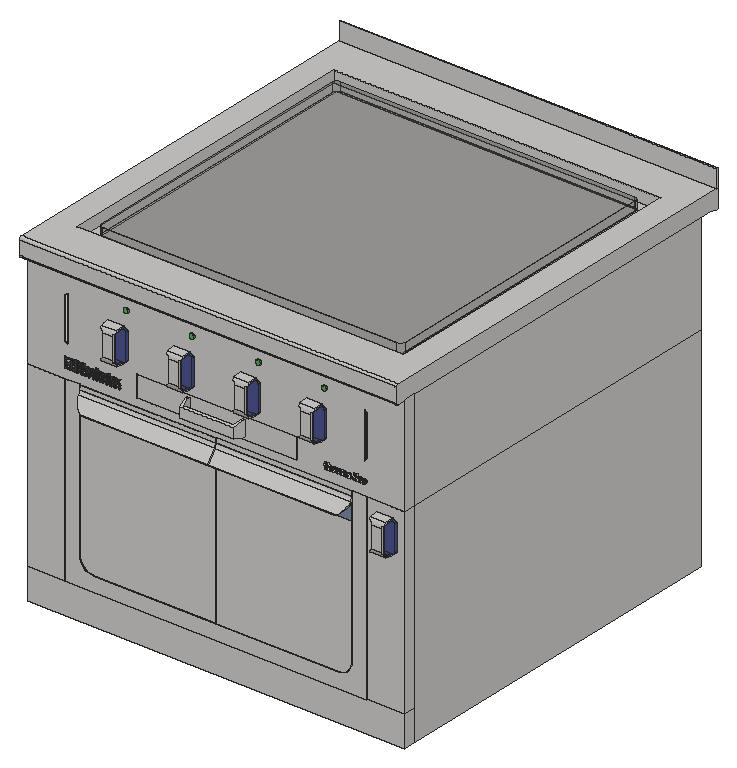
Revit family "QF_ELECTROLUXPROFESSIONAL_588705_MBLQGBH4AO", category Attrezzature speciali, Revit 2020
Family settings
  Quota connettore circolare = Usa diametro
  Tipo di parte = Normale
  Basato su piano di lavoro = No
  Sempre verticale = Sì
  Taglio con vuoti quando caricato = No
  Condiviso = No
  Punto di calcolo locali = No
Parameters (values of type "Standard")
  Weight = 149.00 kg
  Watts = 14300 W
  Volts = 400 V
  URL Manufacturer = "https://www.electroluxprofessional.com/"
  URL = "https://www.electroluxprofessional.com/"
  Steam Supply Size = 0"
  Steam Supply Minimum Pressure = 0.00 psi
  Steam Supply Maximum Pressure = 0.00 psi
  Steam Consumption per Hour = 0
  Refrigeration Suction Line Size = 0 mm
  Refrigeration Liquid Line Size = 0 mm
  Refrigerant Compressor Remote = yes
  Prospetto di default = 0 mm
  Phase = 3
  Modello = "MBLQGBH4AO"
  Produttore = "Electrolux Professional"
  Length Actual = 800 mm  # constant formula
  Item Number = "588705"
  Hot Water Size = 0"
  Height Actual = 700 mm  # constant formula
  HP = "19.2 HP"
  Gas Size = 0"
  Gas KW = 0
  Gas Input Pressure = 0.0 Btu/h
  Direct Waste Size = 0"
  Descrizione = "EL.SOLID T,ECO,WARM.CAB.1S,BS,800X850X7"
  Depth Actual = 850 mm  # constant formula
  Cycle = 50 Hz
  Condensate Return Size = 0"
  Compressed Air Volume = 0 GPM
  Compressed Air Size = 0"
  Compressed Air Pressure = 0.00 psi
  Cold Water Size = 0"
  Accessory = yes
Reference planes
  plane 1 "BACK": y = 50
  plane 2: z = 0
  plane 3 "LEFT": x = 0
  plane 4 "RIGHT": x = 800
  plane 5 "FRONT": y = -800
  plane 6 "TOP": z = 900
  plane 7 "Center (Left/Right)": x = 400
  plane 8: y = -375
  plane 9: z = 200
  plane 10: y = -150
  plane 11 "Panel": y = -755
  plane 12: z = 798
  plane 13: z = 1327
  plane 14: x = 78
  plane 15: x = 722
  plane 16: y = -100
  plane 17: y = -600
  plane 18 "EIx": x = 755
  plane 19 "EIy": y = -585
Forms (mm)
  Extrusion 1, solid, material "QF_Finishes_Stainless Steel"
    sketch origin (-178.969, -4572, 200) x (-1, 0, 0) y (0, -1, 0)
      loop
        line (-178.969, -4577) -> (-178.969, -3817) -> (-978.969, -3817) -> (-978.969, -4577) -> (-178.969, -4577)
    from 450 to 662.969
  Extrusion 2, solid, material "QF_Finishes_Stainless Steel"
    sketch origin (0, 0, 0) x (0, 1, 0) y (0, 0, 1)
      loop
        line (-755, 200) -> (-755, 265) -> (-780, 265) -> (-780, 200) -> (-755, 200)
    from 0 to 800
  Extrusion 3, solid, material "QF_Finishes_Stainless Steel"
    sketch origin (-588.969, -4562, 200) x (-1, 0, 0) y (0, -1, 0)
      loop
        circle (-1343.969, -3977) r 6.35
    from 0 to -11.851
  Extrusion 4, solid, material "QF_Finishes_Stainless Steel"
    sketch origin (400, 296.4, 1219.2) x (0, 1, 0) y (0, 0, 1)
      loop
        line (-246.4, -319.2) -> (-1091.4, -319.2)
        arc (-1091.4, -319.2) -> (-1094.935, -320.664) -> (-1096.4, -324.2) r 5
        line (-1096.4, -324.2) -> (-1096.4, -355.2)
        arc (-1096.4, -355.2) -> (-1094.971, -358.264) -> (-1091.705, -359.139) r 4
        line (-1091.705, -359.139) -> (-1076.4, -356.231) -> (-266.4, -356.231) -> (-251.094, -359.139)
        arc (-251.094, -359.139) -> (-247.829, -358.264) -> (-246.4, -355.2) r 4
        line (-246.4, -355.2) -> (-246.4, -319.2)
    from -400 to 400
  Extrusion 5, solid, material "QF_Finishes_Electrolux_Black Smoke Iluminated"
    sketch origin (0, 0, 900) x (-1, 0, 0) y (0, -1, 0)
      loop
        arc (-88, 59) -> (-80.929, 61.929) -> (-78, 69) r 10
        line (-78, 69) -> (-78, 680)
        arc (-78, 680) -> (-80.929, 687.071) -> (-88, 690) r 10
        line (-88, 690) -> (-712, 690)
        arc (-712, 690) -> (-719.071, 687.071) -> (-722, 680) r 10
        line (-722, 680) -> (-722, 69)
        arc (-722, 69) -> (-719.071, 61.929) -> (-712, 59) r 10
        line (-712, 59) -> (-88, 59)
    from 0 to -20
  Extrusion 6, solid, material "QF_Finishes_Stainless Steel"
    sketch origin (-178.969, -4572, 200) x (-1, 0, 0) y (0, -1, 0)
      loop
        line (-178.969, -4577) -> (-178.969, -3817) -> (-978.969, -3817) -> (-978.969, -4577) -> (-178.969, -4577)
    from 450 to 0
  Extrusion 7, void
    sketch origin (0, 0, 900) x (-1, 0, 0) y (0, -1, 0)
      loop
        line (-53, 715) -> (-747, 715) -> (-747, 34) -> (-53, 34) -> (-53, 715)
    from 0 to -25
  Extrusion 8, solid, material "QF_Finishes_Stainless Steel"
    sketch origin (0, 0, 900) x (-1, 0, 0) y (0, -1, 0)
      loop
        line (-82, 63) -> (-82, 686) -> (-718, 686) -> (-718, 63) -> (-82, 63)
    from -20 to -25
  Extrusion 9, solid, material "QF_Finishes_Stainless Steel"
    sketch origin (400, 297.4, 1219.2) x (0, 1, 0) y (0, 0, 1)
      loop
        line (-249.4, -319.2) -> (-247.4, -319.2) -> (-247.4, -281.2) -> (-249.4, -281.2) -> (-249.4, -319.2)
    from -400 to 400
  Extrusion 10, solid, material "QF_Finishes_Stainless Steel"
    sketch origin (0, 0, 150) x (0, 1, 0) y (0, 0, 1)
      loop
        line (-755, 50) -> (-755, 115) -> (-780, 115) -> (-780, 50) -> (-755, 50)
    from 0 to 800
  Extrusion 11, solid, material "QF_Finishes_Stainless Steel"
    sketch origin (7, -800, 0) x (1, 0, 0) y (0, 0, 1)
      loop
        line (103, 327) -> (103, 650) -> (73, 650) -> (73, 265) -> (713, 265) -> (713, 650) -> (683, 650) -> (683, 327)
        arc (683, 327) -> (673.627, 304.373) -> (651, 295) r 32
        line (651, 295) -> (135, 295)
        arc (135, 295) -> (112.373, 304.373) -> (103, 327) r 32
    from -45 to -20
  Extrusion 12, solid, material "QF_Finishes_Stainless Steel"
    sketch origin (0, -800, 0) x (1, 0, 0) y (0, 0, 1)
      loop
        line (80, 650) -> (0, 650) -> (0, 265) -> (80, 265) -> (80, 650)
      loop
        line (719.787, 650) -> (719.787, 265) -> (800, 265) -> (800, 650) -> (719.787, 650)
    from -20 to -45
Cuts and joins
  Extrusion 7 cuts Extrusion 4
Lines and regions (mm)
  symbolic lines
    curve 1: line (0, 50, 200) -> (800, 50, 200)
    curve 2: line (0, -800, 200) -> (0, 50, 200)
    curve 3: line (800, -800, 200) -> (0, -800, 200)
    curve 4: line (800, 50, 200) -> (800, -800, 200)
    curve 5: line (712, -59, 200) -> (88, -59, 200)
    curve 6: line (78, -69, 200) -> (78, -680, 200)
    curve 7: line (88, -690, 200) -> (712, -690, 200)
    curve 8: line (722, -680, 200) -> (722, -69, 200)
    curve 9: arc (88, -59, 200) -> (80.929, -61.929, 200) -> (78, -69, 200) r 10
    curve 10: arc (722, -69, 200) -> (719.071, -61.929, 200) -> (712, -59, 200) r 10
    curve 11: arc (712, -690, 200) -> (719.071, -687.071, 200) -> (722, -680, 200) r 10
    curve 12: arc (78, -680, 200) -> (80.929, -687.071, 200) -> (88, -690, 200) r 10
    curve 13: line (747, -34, 900) -> (53, -34, 900)
    curve 14: line (53, -34, 900) -> (53, -715, 900)
    curve 15: line (747, -715, 900) -> (747, -34, 900)
    curve 16: line (53, -715, 900) -> (747, -715, 900)
    curve 33: line (0, 48, 0) -> (800, 48, 0)
  model lines, style "SpecialityEquipment"
    curve 17: arc (584, -161, 900) -> (530.967, -289.033, 900) -> (659, -236, 900) r 75
    curve 18: line (639, -236, 900) -> (679, -236, 900)
    curve 19: line (679, -236, 900) -> (659, -216, 900)
    curve 20: line (639, -236, 900) -> (659, -216, 900)
    curve 21: arc (216, -161, 900) -> (162.967, -289.033, 900) -> (291, -236, 900) r 75
    curve 22: line (271, -236, 900) -> (311, -236, 900)
    curve 23: line (311, -236, 900) -> (291, -216, 900)
    curve 24: line (271, -236, 900) -> (291, -216, 900)
    curve 25: arc (584, -489, 900) -> (530.967, -617.033, 900) -> (659, -564, 900) r 75
    curve 26: line (639, -564, 900) -> (679, -564, 900)
    curve 27: line (679, -564, 900) -> (659, -544, 900)
    curve 28: line (639, -564, 900) -> (659, -544, 900)
    curve 29: arc (216, -489, 900) -> (162.967, -617.033, 900) -> (291, -564, 900) r 75
    curve 30: line (271, -564, 900) -> (311, -564, 900)
    curve 31: line (311, -564, 900) -> (291, -544, 900)
    curve 32: line (271, -564, 900) -> (291, -544, 900)
Dimensions and locks
  plane 3 "LEFT" to plane 4 "RIGHT" = 800 mm
  plane 5 "FRONT" to plane 1 "BACK" = 850 mm
  equal spacing: plane 3 "LEFT", plane 7 "Center (Left/Right)", plane 4 "RIGHT"
  equal spacing: plane 5 "FRONT", plane 8, plane 1 "BACK"
  plane 6 "TOP" to level = 900 mm  (x2)
  plane 9 to level = 200 mm
  plane 1 "BACK" to plane 10 to plane 11 "Panel" = 200 mm, 605 mm  (x2)
  plane 6 "TOP" to plane 9 to level = 700 mm, 200 mm
  plane 1 "BACK" to plane 5 "FRONT" = 850 mm
  plane 1 "BACK" to Extrusion 3 = 635 mm
  plane 12 to plane 9 = 598 mm
  plane 13 to plane 6 "TOP" = 427 mm
  plane 6 "TOP" to plane 12 = 102 mm
  plane 14 to plane 3 "LEFT" = 78 mm
  plane 15 to plane 4 "RIGHT" = 78 mm
  locked: plane 1 "BACK" to plane 16 at 150
  locked: plane 16 to plane 17 at 500
  plane 11 "Panel" to plane 5 "FRONT" = 45 mm
  plane 18 "EIx" to plane 4 "RIGHT" = 45 mm
  plane 19 "EIy" to plane 1 "BACK" = 635 mm
  aligned and locked: level to plane 2
  aligned and locked: Extrusion 2 to plane 4 "RIGHT"
  aligned and locked: Extrusion 11 to Extrusion 6
  aligned and locked: Extrusion 12 to Extrusion 6
Automatic sketch dimensions
  Extrusion 3 sketch curve to plane 18 "EIx" = 0 mm
  Extrusion 3 sketch curve to plane 19 "EIy" = 0 mm
  Extrusion 4 sketch curve to plane 5 "FRONT" = 0 mm
  Extrusion 4 sketch curve to plane 6 "TOP" = 0 mm
  Extrusion 4 sketch curve to plane 1 "BACK" = 0 mm
  Extrusion 4 sketch curve to plane 5 "FRONT" = 4 mm
  Extrusion 4 sketch curve to Extrusion 4 sketch curve = 0.695 mm
  Extrusion 4 sketch curve to plane 5 "FRONT" = 5 mm
  Extrusion 4 sketch curve to Extrusion 4 sketch curve = 15.305 mm
  plane 1 "BACK" to Extrusion 4 sketch curve = 20 mm
  plane 1 "BACK" to Extrusion 4 sketch curve = 4.695 mm
  Extrusion 4 sketch curve to Extrusion 4 sketch curve = 4 mm
  Extrusion 4 sketch curve to Extrusion 4 sketch curve = 31 mm
  Extrusion 4 sketch curve to plane 6 "TOP" = 36 mm
  Extrusion 4 sketch curve to Extrusion 4 sketch curve = 2.909 mm
  Extrusion 5 sketch curve to plane 15 = 0 mm
  Extrusion 5 sketch curve to plane 14 = 0 mm
  plane 15 to Extrusion 5 sketch curve = 10 mm  (x2)
  Extrusion 5 sketch curve to Extrusion 5 sketch curve = 10 mm  (x2)
  plane 10 to Extrusion 5 sketch curve = 91 mm
  plane 17 to Extrusion 5 sketch curve = 80 mm
  plane 18 "EIx" to Extrusion 7 sketch curve = 8 mm
  plane 14 to Extrusion 7 sketch curve = 25 mm
  plane 10 to Extrusion 7 sketch curve = 116 mm
  plane 11 "Panel" to Extrusion 7 sketch curve = 40 mm
  Extrusion 8 sketch curve to plane 14 = 4 mm
  plane 15 to Extrusion 8 sketch curve = 4 mm
  plane 17 to Extrusion 8 sketch curve = 86 mm
  plane 10 to Extrusion 8 sketch curve = 87 mm
  curve 20 to curve 17 = 55 mm
  curve 26 to curve 25 = 55 mm
  curve 19 to curve 18 = 20 mm
  curve 26 to curve 27 = 20 mm
  curve 18 to curve 19 = 20 mm
  plane 18 "EIx" to curve 13 = 8 mm
  curve 31 to plane 7 "Center (Left/Right)" = 89 mm
  curve 23 to plane 7 "Center (Left/Right)" = 89 mm
  curve 22 to curve 24 = 20 mm
  curve 30 to curve 31 = 20 mm
  curve 23 to curve 22 = 20 mm
  curve 31 to curve 30 = 20 mm
  curve 22 to curve 21 = 55 mm
  curve 30 to curve 29 = 55 mm
  plane 14 to curve 14 = 25 mm
  plane 10 to curve 13 = 116 mm
  plane 11 "Panel" to curve 16 = 40 mm
  curve 29 to curve 30 = 20 mm
  curve 27 to curve 26 = 40 mm
  curve 25 to curve 26 = 20 mm
  plane 15 to curve 19 = 43 mm
  curve 17 to curve 18 = 20 mm
  curve 21 to curve 22 = 20 mm
  plane 19 "EIy" to curve 27 = 21 mm
  plane 15 to curve 27 = 43 mm
  curve 23 to plane 10 = 66 mm
  curve 19 to plane 10 = 66 mm
  plane 19 "EIy" to curve 32 = 41 mm
  Extrusion 1 sketch curve to plane 4 "RIGHT" = 0 mm
  Extrusion 1 sketch curve to plane 3 "LEFT" = 0 mm
  Extrusion 1 sketch curve to plane 11 "Panel" = 0 mm
  plane 1 "BACK" to Extrusion 1 sketch curve = 45 mm
  Extrusion 2 sketch curve to plane 9 = 0 mm
  Extrusion 2 sketch curve to plane 11 "Panel" = 0 mm
  Extrusion 2 sketch curve to plane 5 "FRONT" = 20 mm
  plane 9 to Extrusion 2 sketch curve = 65 mm
  plane 1 "BACK" to curve 1 = 0 mm
  curve 1 to plane 4 "RIGHT" = 0 mm
  curve 8 to plane 15 = 0 mm
  curve 6 to plane 14 = 0 mm
  curve 2 to plane 3 "LEFT" = 0 mm
  plane 5 "FRONT" to curve 3 = 0 mm
  plane 15 to curve 5 = 10 mm
  curve 11 to curve 11 = 10 mm
  curve 5 to plane 14 = 10 mm
  curve 12 to curve 6 = 10 mm
  plane 10 to curve 5 = 91 mm
  plane 17 to curve 11 = 80 mm
  Extrusion 6 sketch curve to plane 4 "RIGHT" = 0 mm
  Extrusion 6 sketch curve to plane 3 "LEFT" = 0 mm
  Extrusion 6 sketch curve to plane 11 "Panel" = 0 mm
  plane 1 "BACK" to Extrusion 6 sketch curve = 45 mm
  Extrusion 10 sketch curve to plane 11 "Panel" = 0 mm
  Extrusion 10 sketch curve to plane 5 "FRONT" = 20 mm
  plane 9 to Extrusion 10 sketch curve = 0 mm
  Extrusion 10 sketch curve to Extrusion 10 sketch curve = 65 mm
  Extrusion 11 sketch curve to plane 14 = 2 mm
  Extrusion 11 sketch curve to plane 14 = 32 mm
  Extrusion 11 sketch curve to Extrusion 11 sketch curve = 32 mm
  plane 15 to Extrusion 11 sketch curve = 32 mm
  plane 15 to Extrusion 11 sketch curve = 2 mm
  plane 9 to Extrusion 11 sketch curve = 65 mm
  Extrusion 11 sketch curve to Extrusion 11 sketch curve = 62 mm  (x2)
  Extrusion 11 sketch curve to plane 12 = 148 mm  (x2)
  Extrusion 12 sketch curve to plane 3 "LEFT" = 0 mm
  plane 4 "RIGHT" to Extrusion 12 sketch curve = 0 mm
  Extrusion 12 sketch curve to plane 14 = 2 mm
  plane 15 to Extrusion 12 sketch curve = 2.213 mm
  plane 9 to Extrusion 12 sketch curve = 65 mm  (x2)
  Extrusion 12 sketch curve to plane 12 = 148 mm  (x2)
  Extrusion 9 sketch curve to plane 6 "TOP" = 0 mm
  Extrusion 9 sketch curve to plane 1 "BACK" = 0 mm
  plane 1 "BACK" to Extrusion 9 sketch curve = 2 mm
  plane 6 "TOP" to Extrusion 9 sketch curve = 38 mm
  radius of Extrusion 3 sketch curve = 6.35 mm
Nested families
  nested 1: "FIT Range Control Handle" at (760, -783.167, -372.751), type "FIT Range Control Handle"
  nested 2: "Front_Panel_W800_Four Knobs_Spie" at (202.376, -755, 0), type "Front_Panel_W800_Four Knobs_Spie"
  nested 3: "H450H2_2DOOR" at (363.958, -755, 200) x (1, 0, 0) z (0, -1, 0), type "H450H2_2DOOR"
    with Width 580 mm, Wdoor 290 mm, Show Clearance yes
  nested 4: "Warm" at (800, -800, 0), type "Warm"
Connectors
  electrical at (755, -585, 188.149)
    settings: on Extrusion 3, index 1, voltage 400 V, apparent load 33000 VA, apparent load phase1 0 VA, apparent load phase2 0 VA, apparent load phase3 0 VA, power factor 1, load classification "Other", number of poles 1, system type 30, power factor state 1, is connector primary yes, connector utility no, sub classification motor no, connector description "ELECTRICAL CONNECTION"
Definition of nested family "FIT Range Control Handle"
  Parameters
    Default Elevation = 0 mm
  Reference planes
    plane 1 "Center (Front/Back)": y = 0
    plane 2: z = 0
    plane 3 "Center (Left/Right)": x = 0
    plane 4: z = 971.092
    plane 5: y = -16.8
  Forms (mm)
    Extrusion 1, solid
      sketch origin (-746.28, 380.497, 208.931) x (-1, 0, 0) y (0, 0, 1)
        loop
          line (-770.101, 786.798) -> (-770.101, 731.649)
          arc (-770.101, 731.649) -> (-769.759, 730.563) -> (-768.855, 729.87) r 1.893
          line (-768.855, 729.87) -> (-763.474, 727.911) -> (-729.81, 727.911) -> (-724.428, 729.87)
          arc (-724.428, 729.87) -> (-723.525, 730.563) -> (-723.183, 731.649) r 1.893
          line (-723.183, 731.649) -> (-723.183, 786.798)
          arc (-723.183, 786.798) -> (-723.529, 787.894) -> (-724.44, 788.593) r 1.91
          line (-724.44, 788.593) -> (-729.683, 790.819) -> (-763.601, 790.819) -> (-768.844, 788.593)
          arc (-768.844, 788.593) -> (-769.755, 787.894) -> (-770.101, 786.798) r 1.91
      from -382.35 to -378.852
    Sweep 2, solid
      path origin (-746.788, 380.496, 208.091) x (0, -1, 0) y (0, 0, 1)
        loop
          line (379.775, 793.281) -> (395.661, 791.048)
          arc (395.661, 791.048) -> (397.781, 787.377) -> (398.517, 783.202) r 12.207
          line (398.517, 783.202) -> (398.517, 737.368)
          arc (398.517, 737.368) -> (397.781, 733.193) -> (395.661, 729.522) r 12.207
          line (395.661, 729.522) -> (379.775, 727.289)
      profile origin (-746.788, -7.222, 1000.256) x (0, -0.139173, 0.990268) y (-1, 0, 0)
        loop
          line (0.782, -763.123) -> (0.782, -730.907) -> (-1.322, -730.907) -> (-1.322, -763.123) -> (0.782, -763.123)
    Sweep 3, solid
      path origin (-746.788, 380.715, 207.832) x (0, -1, 0) y (0, 0, 1)
        loop
          line (380.478, 795.442) -> (397.218, 793.09)
          arc (397.218, 793.09) -> (399.929, 788.473) -> (400.871, 783.202) r 15.207
          line (400.871, 783.202) -> (400.871, 737.584)
          arc (400.871, 737.584) -> (399.914, 732.274) -> (397.164, 727.633) r 15.207
          line (397.164, 727.633) -> (380.601, 725.305)
      profile origin (-746.788, -8.132, 1002.099) x (0, -0.139173, 0.990268) y (-1, 0, 0)
        loop
          line (0.782, -763.123) -> (0.782, -730.907) -> (-1.322, -730.907) -> (-1.322, -763.123) -> (0.782, -763.123)
    Extrusion 4, void
      sketch origin (889.253, 220.666, 207.993) x (1, 0, 0) y (0, 0, 1)
        loop
          line (-943.038, 816.854) -> (-943.038, 703.686) -> (-899.466, 734.196) -> (-899.466, 786.344) -> (-943.038, 816.854)
      from 230.636 to 242.25
    Extrusion 5, void
      sketch origin (-888.8, 220.666, 207.993) x (-1, 0, 0) y (0, 0, -1)
        loop
          line (-943.038, -816.854) -> (-899.466, -786.344) -> (-899.466, -734.196) -> (-943.038, -703.686) -> (-943.038, -816.854)
      from 230.636 to 242.25
    Extrusion 6, solid
      sketch origin (0, 0, 0) x (1, 0, 0) y (0, 0, 1)
        loop
          circle (0, 971.092) r 7.736
      from -3.137 to -1.645
  Cuts and joins
    Extrusion 4, Extrusion 5 cuts Sweep 3
    Extrusion 4, Extrusion 5 cuts Sweep 2
    joined: Extrusion 1, Extrusion 6
  Lines and regions (mm)
    symbolic lines
      curve 1: line (-15.881, -19.189, 0) -> (-15.881, -16.8, 0)
      curve 2: line (16.334, -19.189, 0) -> (16.334, -16.8, 0)
      curve 3: spline (-15.881, -19.189, 0) -> (-15.417, -19.349, 0) -> (-14.951, -19.501, 0) -> (-14.483, -19.646, 0) -> (-14.014, -19.783, 0) -> (-13.543, -19.912, 0) -> (-13.071, -20.033, 0) -> (-12.597, -20.146, 0) -> (-12.122, -20.251, 0) -> (-11.646, -20.349, 0) -> (-11.169, -20.438, 0) -> (-10.691, -20.52, 0) -> (-10.213, -20.593, 0)
      curve 4: spline (10.666, -20.593, 0) -> (11.144, -20.52, 0) -> (11.622, -20.438, 0) -> (12.099, -20.349, 0) -> (12.575, -20.251, 0) -> (13.05, -20.146, 0) -> (13.524, -20.033, 0) -> (13.996, -19.912, 0) -> (14.467, -19.783, 0) -> (14.936, -19.646, 0) -> (15.404, -19.501, 0) -> (15.87, -19.349, 0) -> (16.334, -19.189, 0)
      curve 5: line (-10.213, -20.938, 0) -> (10.716, -20.938, 0)
  Dimensions and locks
    cut or joined group of Sweep 3, Extrusion 4, Extrusion 5 to cut or joined group of Sweep 3, Extrusion 4, Extrusion 5 = 71.686 mm
Definition of nested family "Front_Panel_W800_Four Knobs_Spie"
  Parameters
    Default Elevation = 0 mm
  Reference planes
    plane 1 "Center (Front/Back)": y = 0
    plane 2: z = 0
    plane 3 "Center (Left/Right)": x = 197.624
    plane 4 "Left": x = -202.376
    plane 5 "Right": x = 597.624
    plane 6: y = -45
    plane 7: x = -12.376
    plane 8: x = 127.624
    plane 9: y = -310
    plane 10 "Panel": y = -25
    plane 11: x = 517.624
    plane 12: x = -122.376
  Forms (mm)
    Extrusion 1, solid
      sketch origin (833.217, 829.203, -1.25) x (0, 1, 0) y (0, 0, 1)
        loop
          line (-854.203, 651.25) -> (-829.203, 651.25) -> (-829.203, 864.25) -> (-854.203, 864.25) -> (-854.203, 651.25)
      from -1035.593 to -235.593
    Extrusion 2, void
      sketch origin (0, -25, -10) x (0, 0, 1) y (-1, 0, 0)
        loop
          line (731.866, 122.376) -> (726.866, 117.376) -> (823.866, 117.376) -> (818.866, 122.376) -> (731.866, 122.376)
        loop
          line (731.866, -517.624) -> (818.866, -517.624) -> (823.866, -512.624) -> (726.866, -512.624) -> (731.866, -517.624)
      from 0 to -2
    Extrusion 3, void
      sketch origin (0, 0, 0) x (1, 0, 0) y (0, 0, 1)
        loop
          line (30.124, 711.866) -> (30.124, 666.866) -> (370.124, 666.866) -> (370.124, 711.866) -> (30.124, 711.866)
      from 19.387 to 25
    Extrusion 4, solid
      sketch origin (0, 0, 0) x (1, 0, 0) y (0, 0, 1)
        loop
          line (31.124, 710.866) -> (31.124, 667.866) -> (369.124, 667.866) -> (369.124, 710.866) -> (31.124, 710.866)
      from 19.387 to 25
    Extrusion 5, solid
      sketch origin (0, 0, 0) x (1, 0, 0) y (0, 1, 0)
        loop
          line (141.059, -25) -> (135.966, -25) -> (140.646, -49.075) -> (254.603, -49.075) -> (259.283, -25) -> (254.189, -25) -> (250.481, -44.075) -> (144.767, -44.075) -> (141.059, -25)
      from 672.593 to 705.67
    Extrusion 6, void
      sketch origin (197.624, 0, 0) x (0, 1, 0) y (0, 0, 1)
        loop
          line (-30, 705.67) -> (-30, 710.67) -> (-56.744, 710.67) -> (-56.744, 667.593) -> (-30, 667.593) -> (-30, 672.593) -> (-53.776, 680.318) -> (-53.776, 697.945) -> (-30, 705.67)
      from -70 to 70
    Extrusion 7, solid, detail levels coarse
      sketch origin (0, -265, 0) x (1, 0, 0) y (0, 1, 0)
        loop
          line (140.646, -69.075) -> (254.603, -69.075) -> (259.283, -45) -> (364.124, -45) -> (364.124, 240) -> (31.124, 240) -> (31.124, -45) -> (135.966, -45) -> (140.646, -69.075)
      from 672.593 to 705.67
    Extrusion 8, void
      sketch origin (197.624, -280, 0) x (0, 1, 0) y (0, 0, 1)
        loop
          line (-30, 705.67) -> (-30, 710.67) -> (-56.744, 710.67) -> (-56.744, 667.593) -> (-30, 667.593) -> (-30, 672.593) -> (-53.776, 680.318) -> (-53.776, 697.945) -> (-30, 705.67)
      from -70 to 70
    Extrusion 9, solid
      sketch origin (20, -25, 1.163) x (0, 0, 1) y (-1, 0, 0)
        loop
          circle (824.337, 12.376) r 5
      from 0 to 1.7
    Extrusion 10, solid
      sketch origin (160, -25, 1.163) x (0, 0, 1) y (-1, 0, 0)
        loop
          circle (824.337, 12.376) r 5
      from 0 to 1.7
    Extrusion 11, solid
      sketch origin (300.724, -25, 1.163) x (0, 0, 1) y (-1, 0, 0)
        loop
          circle (824.337, 12.376) r 5
      from 0 to 1.7
    Extrusion 12, solid
      sketch origin (440.724, -25, 1.163) x (0, 0, 1) y (-1, 0, 0)
        loop
          circle (824.337, 12.376) r 5
      from 0 to 1.7
    Extrusion 13, solid
      sketch origin (0, -25, -10) x (0, 0, 1) y (-1, 0, 0)
        loop
          line (731.866, 122.376) -> (726.866, 117.376) -> (823.866, 117.376) -> (818.866, 122.376) -> (731.866, 122.376)
        loop
          line (726.866, -512.624) -> (731.866, -517.624) -> (818.866, -517.624) -> (823.866, -512.624) -> (726.866, -512.624)
      from 0 to -2
  Cuts and joins
    Extrusion 2, Extrusion 3 cuts Extrusion 1
    Extrusion 6, Extrusion 8 cuts Extrusion 5
    Extrusion 8 cuts Extrusion 7
  Lines and regions (mm)
    symbolic lines
      curve 1: line (31.124, -45, 0) -> (31.124, -310, 0)
      curve 2: line (31.124, -310, 0) -> (364.124, -310, 0)
      curve 3: line (135.966, -310, 0) -> (140.646, -334.075, 0)
      curve 4: line (140.646, -334.075, 0) -> (254.603, -334.075, 0)
      curve 5: line (254.603, -334.075, 0) -> (259.283, -310, 0)
      curve 6: line (364.124, -310, 0) -> (364.124, -45, 0)
      curve 7: line (31.124, -300, 0) -> (364.124, -300, 0)
      curve 8: line (140.874, -309.046, 0) -> (144.767, -329.075, 0)
      curve 9: line (144.767, -329.075, 0) -> (250.481, -329.075, 0)
      curve 10: line (250.481, -329.075, 0) -> (254.375, -309.046, 0)
  Dimensions and locks
    equal spacing: plane 5 "Right", plane 3 "Center (Left/Right)", plane 4 "Left"
    plane 5 "Right" to plane 4 "Left" = 800 mm
    plane 3 "Center (Left/Right)" to plane 7 = 210 mm
    plane 3 "Center (Left/Right)" to plane 8 = 70 mm
    plane 6 to plane 9 = 265 mm
    aligned and locked: cut or joined group of Extrusion 1, Extrusion 2, Extrusion 3 to plane 4 "Left"
    aligned and locked: plane 5 "Right" to cut or joined group of Extrusion 1, Extrusion 2, Extrusion 3
  Automatic sketch dimensions
    plane 6 to curve 1 = 0 mm
    curve 1 to plane 9 = 0 mm
    plane 6 to curve 6 = 0 mm
    plane 7 to curve 1 = 43.5 mm
    plane 8 to curve 3 = 13.021 mm
    curve 3 to curve 8 = 4.122 mm
    curve 10 to plane 9 = 19.075 mm
    plane 3 "Center (Left/Right)" to curve 10 = 52.857 mm
    curve 5 to plane 9 = 24.075 mm
    curve 9 to curve 5 = 4.122 mm
    curve 4 to curve 2 = 109.521 mm
    plane 8 to curve 3 = 8.342 mm
    plane 9 to curve 8 = 0.954 mm
    curve 3 to curve 8 = 4.908 mm
    plane 9 to curve 10 = 0.954 mm
    curve 9 to curve 10 = 3.893 mm
    curve 10 to curve 5 = 4.908 mm
    plane 9 to curve 7 = 10 mm
    Extrusion 1 sketch curve to plane 10 "Panel" = 0 mm
    Extrusion 1 sketch curve to plane 1 "Center (Front/Back)" = 0 mm
    Extrusion 2 sketch curve to plane 12 = 0 mm
    Extrusion 2 sketch curve to plane 11 = 0 mm
    Extrusion 2 sketch curve to plane 11 = 5 mm
    plane 12 to Extrusion 2 sketch curve = 5 mm
    Extrusion 2 sketch curve to Extrusion 2 sketch curve = 5 mm  (x4)
    plane 7 to Extrusion 3 sketch curve = 42.5 mm
    Extrusion 3 sketch curve to plane 11 = 147.5 mm
    Extrusion 3 sketch curve to Extrusion 3 sketch curve = 45 mm
    plane 7 to Extrusion 4 sketch curve = 43.5 mm
    Extrusion 4 sketch curve to plane 11 = 148.5 mm
    Extrusion 4 sketch curve to Extrusion 4 sketch curve = 43 mm
    plane 10 "Panel" to Extrusion 5 sketch curve = 0 mm  (x2)
    plane 8 to Extrusion 5 sketch curve = 8.342 mm
    plane 6 to Extrusion 5 sketch curve = 4.075 mm
    plane 8 to Extrusion 5 sketch curve = 13.021 mm
    Extrusion 5 sketch curve to Extrusion 5 sketch curve = 5.094 mm  (x2)
    Extrusion 5 sketch curve to plane 6 = 0.925 mm
    Extrusion 5 sketch curve to Extrusion 5 sketch curve = 4.122 mm  (x2)
    plane 3 "Center (Left/Right)" to Extrusion 5 sketch curve = 52.857 mm
    Extrusion 5 sketch curve to Extrusion 5 sketch curve = 3.708 mm
    plane 6 to Extrusion 6 sketch curve = 11.744 mm
    plane 6 to Extrusion 6 sketch curve = 8.776 mm
    plane 10 "Panel" to Extrusion 6 sketch curve = 5 mm  (x2)
    Extrusion 6 sketch curve to Extrusion 6 sketch curve = 5 mm
    Extrusion 6 sketch curve to Extrusion 6 sketch curve = 12.725 mm  (x2)
    Extrusion 6 sketch curve to Extrusion 6 sketch curve = 17.627 mm
    Extrusion 6 sketch curve to Extrusion 6 sketch curve = 7.725 mm
    plane 10 "Panel" to Extrusion 7 sketch curve = 0 mm
    Extrusion 7 sketch curve to plane 9 = 0 mm  (x2)
    plane 7 to Extrusion 7 sketch curve = 43.5 mm
    plane 8 to Extrusion 7 sketch curve = 8.342 mm
    plane 8 to Extrusion 7 sketch curve = 13.021 mm
    Extrusion 7 sketch curve to plane 9 = 24.075 mm
    plane 3 "Center (Left/Right)" to Extrusion 7 sketch curve = 56.979 mm
    Extrusion 7 sketch curve to Extrusion 7 sketch curve = 4.68 mm
    Extrusion 7 sketch curve to Extrusion 7 sketch curve = 104.842 mm
    Extrusion 8 sketch curve to plane 9 = 26.744 mm
    Extrusion 8 sketch curve to plane 9 = 23.776 mm
    plane 9 to Extrusion 8 sketch curve = 0 mm  (x2)
    Extrusion 8 sketch curve to Extrusion 8 sketch curve = 5 mm
    Extrusion 8 sketch curve to Extrusion 8 sketch curve = 12.725 mm  (x2)
    Extrusion 8 sketch curve to Extrusion 8 sketch curve = 17.627 mm
    Extrusion 8 sketch curve to Extrusion 8 sketch curve = 7.725 mm
    plane 7 to Extrusion 9 sketch curve = 20 mm
    plane 8 to Extrusion 10 sketch curve = 20 mm
    plane 3 "Center (Left/Right)" to Extrusion 11 sketch curve = 90.724 mm
    Extrusion 12 sketch curve to plane 11 = 89.276 mm
    Extrusion 13 sketch curve to plane 12 = 0 mm
    Extrusion 13 sketch curve to plane 11 = 0 mm
    plane 12 to Extrusion 13 sketch curve = 5 mm
    Extrusion 13 sketch curve to Extrusion 13 sketch curve = 5 mm  (x4)
    Extrusion 13 sketch curve to plane 11 = 5 mm
    level to Extrusion 1 sketch curve = 650 mm
    Extrusion 1 sketch curve to Extrusion 1 sketch curve = 213 mm
    level to Extrusion 2 sketch curve = 716.866 mm
    Extrusion 2 sketch curve to Extrusion 2 sketch curve = 0 mm
    Extrusion 2 sketch curve to Extrusion 2 sketch curve = 87 mm  (x2)
    level to Extrusion 3 sketch curve = 666.866 mm
    level to Extrusion 4 sketch curve = 667.866 mm
    level to Extrusion 6 sketch curve = 667.593 mm
    level to Extrusion 8 sketch curve = 667.593 mm
    level to Extrusion 9 sketch curve = 825.5 mm
    level to Extrusion 10 sketch curve = 825.5 mm
    level to Extrusion 11 sketch curve = 825.5 mm
    level to Extrusion 12 sketch curve = 825.5 mm
    level to Extrusion 13 sketch curve = 716.866 mm
    Extrusion 13 sketch curve to Extrusion 13 sketch curve = 0 mm
    Extrusion 13 sketch curve to Extrusion 13 sketch curve = 87 mm  (x2)
    radius of Extrusion 9 sketch curve = 5 mm
    radius of Extrusion 10 sketch curve = 5 mm
    radius of Extrusion 11 sketch curve = 5 mm
    radius of Extrusion 12 sketch curve = 5 mm
  Nested families
    nested 1: "Range Control Handle" at (-12.376, -28.137, -209.113) x (-1, 0, 0) z (0, 0, 1), type "Range Control Handle"
    nested 2: "Range Control Handle" at (127.624, -28.137, -209.113) x (-1, 0, 0) z (0, 0, 1), type "Range Control Handle"
    nested 3: "Range Control Handle" at (407.624, -28.137, -209.113), type "Range Control Handle"
    nested 4: "Range Control Handle" at (267.624, -28.137, -209.113), type "Range Control Handle"
    nested 5: "ELX_ThermaLine_Small" at (468.838, -25, 679.426) x (1, 0, 0) z (0, -1, 0), type "ELX_ThermaLine_Small"
      with Show Logo yes, Material_Logo none
    nested 6: "ELX_Professional_Logo_Small" at (-62.89, -25, 681.659) x (1, 0, 0) z (0, -1, 0), type "ELX_Professional_Logo_Small"
      with Show Logo yes, Material_Logo none
  Definition of nested family "Range Control Handle"
    Parameters
      Default Elevation = 0 mm
    Reference planes
      plane 1 "Center (Front/Back)": y = 0
      plane 2: z = 0
      plane 3 "Center (Left/Right)": x = 0
      plane 4: z = 971.092
      plane 5: y = -16.9
    Forms (mm)
      Extrusion 1, solid
        sketch origin (-746.28, 380.497, 208.931) x (-1, 0, 0) y (0, 0, 1)
          loop
            line (-770.101, 786.798) -> (-770.101, 731.649)
            arc (-770.101, 731.649) -> (-769.759, 730.563) -> (-768.855, 729.87) r 1.893
            line (-768.855, 729.87) -> (-763.474, 727.911) -> (-729.81, 727.911) -> (-724.428, 729.87)
            arc (-724.428, 729.87) -> (-723.525, 730.563) -> (-723.183, 731.649) r 1.893
            line (-723.183, 731.649) -> (-723.183, 786.798)
            arc (-723.183, 786.798) -> (-723.529, 787.894) -> (-724.44, 788.593) r 1.91
            line (-724.44, 788.593) -> (-729.683, 790.819) -> (-763.601, 790.819) -> (-768.844, 788.593)
            arc (-768.844, 788.593) -> (-769.755, 787.894) -> (-770.101, 786.798) r 1.91
        from -382.35 to -378.852
      Sweep 2, solid
        path origin (-746.788, 380.496, 208.091) x (0, -1, 0) y (0, 0, 1)
          loop
            line (379.775, 793.281) -> (395.661, 791.048)
            arc (395.661, 791.048) -> (397.781, 787.377) -> (398.517, 783.202) r 12.207
            line (398.517, 783.202) -> (398.517, 737.368)
            arc (398.517, 737.368) -> (397.781, 733.193) -> (395.661, 729.522) r 12.207
            line (395.661, 729.522) -> (379.775, 727.289)
        profile origin (-746.788, -7.222, 1000.256) x (0, -0.139173, 0.990268) y (-1, 0, 0)
          loop
            line (0.782, -763.123) -> (0.782, -730.907) -> (-1.322, -730.907) -> (-1.322, -763.123) -> (0.782, -763.123)
      Sweep 3, solid
        path origin (-746.788, 380.715, 207.832) x (0, -1, 0) y (0, 0, 1)
          loop
            line (380.478, 795.442) -> (397.218, 793.09)
            arc (397.218, 793.09) -> (399.929, 788.473) -> (400.871, 783.202) r 15.207
            line (400.871, 783.202) -> (400.871, 737.584)
            arc (400.871, 737.584) -> (399.914, 732.274) -> (397.164, 727.633) r 15.207
            line (397.164, 727.633) -> (380.601, 725.305)
        profile origin (-746.788, -8.132, 1002.099) x (0, -0.139173, 0.990268) y (-1, 0, 0)
          loop
            line (0.782, -763.123) -> (0.782, -730.907) -> (-1.322, -730.907) -> (-1.322, -763.123) -> (0.782, -763.123)
      Extrusion 4, void
        sketch origin (889.253, 220.666, 207.993) x (1, 0, 0) y (0, 0, 1)
          loop
            line (-943.038, 816.854) -> (-943.038, 703.686) -> (-899.466, 734.196) -> (-899.466, 786.344) -> (-943.038, 816.854)
        from 230.636 to 242.25
      Extrusion 5, void
        sketch origin (-888.8, 220.666, 207.993) x (-1, 0, 0) y (0, 0, -1)
          loop
            line (-943.038, -816.854) -> (-899.466, -786.344) -> (-899.466, -734.196) -> (-943.038, -703.686) -> (-943.038, -816.854)
        from 230.636 to 242.25
      Extrusion 6, solid
        sketch origin (0, 0, 0) x (1, 0, 0) y (0, 0, 1)
          loop
            circle (0, 971.092) r 7.736
        from -3.137 to -1.645
    Cuts and joins
      Extrusion 4, Extrusion 5 cuts Sweep 3
      Extrusion 4, Extrusion 5 cuts Sweep 2
      joined: Extrusion 1, Extrusion 6
    Lines and regions (mm)
      symbolic lines
        curve 1: line (16.334, -16.9, 0) -> (16.334, -19.227, 0)
        curve 2: spline (16.334, -19.227, 0) -> (15.87, -19.385, 0) -> (15.404, -19.536, 0) -> (14.936, -19.678, 0) -> (14.466, -19.813, 0) -> (13.995, -19.94, 0) -> (13.523, -20.059, 0) -> (13.049, -20.171, 0) -> (12.575, -20.274, 0) -> (12.099, -20.37, 0) -> (11.622, -20.458, 0) -> (11.144, -20.537, 0) -> (10.666, -20.609, 0)
        curve 3: line (10.666, -16.9, 0) -> (10.666, -20.938, 0)
        curve 4: line (-10.213, -20.938, 0) -> (10.666, -20.938, 0)
        curve 5: line (-10.213, -20.938, 0) -> (-10.213, -16.9, 0)
        curve 6: spline (-10.213, -20.609, 0) -> (-10.691, -20.537, 0) -> (-11.169, -20.458, 0) -> (-11.646, -20.37, 0) -> (-12.122, -20.274, 0) -> (-12.597, -20.171, 0) -> (-13.07, -20.059, 0) -> (-13.542, -19.94, 0) -> (-14.013, -19.813, 0) -> (-14.483, -19.678, 0) -> (-14.951, -19.536, 0) -> (-15.417, -19.385, 0) -> (-15.881, -19.227, 0)
        curve 7: line (-15.881, -19.227, 0) -> (-15.881, -16.9, 0)
  Definition of nested family "ELX_ThermaLine_Small"
    Parameters
      Show Logo [instance] = yes
      Material_Logo [instance] = none
      Default Elevation = 0 mm
    Reference planes
      plane 1 "Centro (Fronte/Retro)": y = 0
      plane 2: z = 0
      plane 3 "Centro (Sinistra/Destra)": x = 0
    Forms (mm)
      Extrusion 1, solid
        sketch origin (0, 0, 0) x (1, 0, 0) y (0, 1, 0)
          loop
            line (-1219.2, 1219.2) -> (-1219.2, -1219.2) -> (1219.2, -1219.2) -> (1219.2, 1219.2) -> (-1219.2, 1219.2)
        from 0 to -304.8
      Extrusion 2, solid
        sketch origin (0, 0, 0) x (1, 0, 0) y (0, 1, 0)
          loop
            line (-37.494, 1.229) -> (-35.908, 1.229) -> (-35.908, 3.066) -> (-37.494, 3.066) -> (-37.494, 6.221) -> (-39.867, 4.881) -> (-39.867, 3.066) -> (-40.969, 3.066) -> (-40.969, 1.229) -> (-39.867, 1.229) -> (-39.867, -3.407)
            arc (-39.867, -3.407) -> (-38.982, -5.513) -> (-36.751, -6.001) r 2.478
            line (-36.751, -6.001) -> (-35.638, -5.7) -> (-35.9, -3.835) -> (-36.661, -4.039)
            arc (-36.661, -4.039) -> (-37.236, -3.924) -> (-37.494, -3.399) r 0.662
            line (-37.494, -3.399) -> (-37.494, 1.229)
          loop
            line (-34.242, 6.539) -> (-34.242, -5.848) -> (-31.854, -5.848) -> (-31.854, -0.078)
            arc (-31.854, -0.078) -> (-30.939, 1.249) -> (-29.33, 1.367) r 1.866
            arc (-29.33, 1.367) -> (-28.695, 0.768) -> (-28.461, -0.073) r 1.627
            line (-28.461, -0.073) -> (-28.461, -5.848) -> (-26.086, -5.848) -> (-26.064, -0.46)
            arc (-26.064, -0.46) -> (-26.261, 0.932) -> (-26.786, 2.237) r 5.825
            arc (-26.786, 2.237) -> (-29.381, 3.264) -> (-31.854, 1.971) r 3.353
            line (-31.854, 1.971) -> (-31.854, 6.539) -> (-34.242, 6.539)
          loop
            arc (-18.398, -0.598) -> (-18.893, 0.879) -> (-20.326, 1.487) r 1.897
            arc (-20.326, 1.487) -> (-21.461, 0.708) -> (-21.897, -0.598) r 2.164
            line (-21.897, -0.598) -> (-18.398, -0.598)
          loop
            arc (-16.021, -2.044) -> (-16.754, 1.227) -> (-19.444, 3.226) r 4.814
            arc (-19.444, 3.226) -> (-22.137, 2.788) -> (-23.943, 0.743) r 4.054
            arc (-23.943, 0.743) -> (-24.382, -1.249) -> (-24.162, -3.276) r 6.289
            arc (-24.162, -3.276) -> (-23.302, -4.71) -> (-21.958, -5.705) r 4.28
            arc (-21.958, -5.705) -> (-18.558, -5.814) -> (-16.152, -3.409) r 4.28
            line (-16.152, -3.409) -> (-18.5, -2.995)
            arc (-18.5, -2.995) -> (-19.273, -3.994) -> (-20.533, -4.076) r 1.536
            arc (-20.533, -4.076) -> (-21.56, -3.281) -> (-21.958, -2.044) r 2.197
            line (-21.958, -2.044) -> (-16.021, -2.044)
          loop
            line (-14.165, -5.848) -> (-11.819, -5.848) -> (-11.819, -2.138)
            arc (-11.819, -2.138) -> (-11.787, -1.156) -> (-11.637, -0.185) r 8.18
            arc (-11.637, -0.185) -> (-10.644, 0.972) -> (-9.132, 0.776) r 1.603
            line (-9.132, 0.776) -> (-8.419, 2.846)
            arc (-8.419, 2.846) -> (-10.432, 3.118) -> (-11.994, 1.821) r 2.527
            line (-11.994, 1.821) -> (-11.994, 3.094) -> (-14.165, 3.094) -> (-14.165, -5.848)
          loop
            line (-7.579, 3.094) -> (-7.579, -5.848) -> (-5.178, -5.848) -> (-5.178, -0.756)
            arc (-5.178, -0.756) -> (-4.727, 0.679) -> (-3.417, 1.419) r 2.05
            arc (-3.417, 1.419) -> (-2.499, 0.908) -> (-2.155, -0.085) r 1.471
            line (-2.155, -0.085) -> (-2.155, -5.848) -> (0.23, -5.848) -> (0.23, -1.001)
            arc (0.23, -1.001) -> (0.47, 0.127) -> (1.148, 1.061) r 2.775
            arc (1.148, 1.061) -> (2.225, 1.329) -> (3.05, 0.587) r 1.182
            arc (3.05, 0.587) -> (3.199, -0.019) -> (3.214, -0.642) r 2.894
            line (3.214, -0.642) -> (3.214, -5.848) -> (5.601, -5.848) -> (5.601, 0.261)
            arc (5.601, 0.261) -> (4.87, 2.263) -> (2.976, 3.241) r 2.932
            arc (2.976, 3.241) -> (1.284, 2.973) -> (-0.047, 1.896) r 3.309
            arc (-0.047, 1.896) -> (-1.116, 2.865) -> (-2.506, 3.258) r 3.16
            arc (-2.506, 3.258) -> (-4.105, 2.942) -> (-5.376, 1.92) r 3.419
            line (-5.376, 1.92) -> (-5.376, 3.094) -> (-7.579, 3.094)
          loop
            line (7.583, 0.738) -> (9.702, 0.364)
            arc (9.702, 0.364) -> (11.441, 1.492) -> (12.855, -0.023) r 1.613
            line (12.855, -0.023) -> (9.782, -0.789)
            arc (9.782, -0.789) -> (8.559, -1.346) -> (7.617, -2.305) r 3.687
            arc (7.617, -2.305) -> (7.499, -3.681) -> (7.901, -5.003) r 3.651
            arc (7.901, -5.003) -> (9.107, -5.766) -> (10.515, -6.006) r 3.635
            arc (10.515, -6.006) -> (11.898, -5.697) -> (13.067, -4.895) r 3.734
            line (13.067, -4.895) -> (13.376, -5.848) -> (15.75, -5.848) -> (15.212, -4.193) -> (15.212, 0.38)
            arc (15.212, 0.38) -> (14.897, 1.849) -> (13.818, 2.895) r 2.585
            arc (13.818, 2.895) -> (11.792, 3.442) -> (9.719, 3.11) r 5.005
            arc (9.719, 3.11) -> (8.369, 2.178) -> (7.583, 0.738) r 3.54
          loop
            line (19.723, -5.848) -> (22.233, -5.848) -> (24.854, 6.484) -> (22.345, 6.484) -> (19.723, -5.848)
          loop
            line (24.583, -5.848) -> (26.953, -5.848) -> (28.848, 3.066) -> (26.478, 3.066) -> (24.583, -5.848)
          loop
            line (27.204, 6.484) -> (26.741, 4.305) -> (29.111, 4.305) -> (29.575, 6.484) -> (27.204, 6.484)
          loop
            line (29.355, -5.848) -> (31.849, -5.848) -> (33.098, 0.028)
            arc (33.098, 0.028) -> (34.169, 1.306) -> (35.832, 1.422) r 2.132
            arc (35.832, 1.422) -> (36.324, 0.752) -> (36.383, -0.078) r 1.5
            line (36.383, -0.078) -> (35.157, -5.848) -> (37.536, -5.848) -> (38.936, 0.738)
            arc (38.936, 0.738) -> (38.775, 2.091) -> (37.825, 3.066) r 2.118
            arc (37.825, 3.066) -> (35.392, 3.175) -> (33.295, 1.937) r 4.271
            line (33.295, 1.937) -> (33.535, 3.066) -> (31.25, 3.066) -> (29.355, -5.848)
          loop
            line (42.792, -0.64) -> (46.589, -0.64)
            arc (46.589, -0.64) -> (46.639, 0.124) -> (46.327, 0.823) r 1.589
            arc (46.327, 0.823) -> (45.117, 1.521) -> (43.762, 1.183) r 1.865
            arc (43.762, 1.183) -> (43.141, 0.344) -> (42.792, -0.64) r 3.538
          loop
            line (42.565, -2.138) -> (48.593, -2.138)
            arc (48.593, -2.138) -> (48.58, 0.597) -> (46.983, 2.818) r 4.494
            arc (46.983, 2.818) -> (44.191, 3.28) -> (41.725, 1.891) r 4.26
            arc (41.725, 1.891) -> (40.503, -0.3) -> (40.284, -2.799) r 6.003
            arc (40.284, -2.799) -> (40.959, -4.468) -> (42.377, -5.576) r 3.482
            arc (42.377, -5.576) -> (44.265, -5.961) -> (46.152, -5.576) r 4.823
            arc (46.152, -5.576) -> (47.432, -4.731) -> (48.328, -3.485) r 4.245
            line (48.328, -3.485) -> (46.168, -3.105)
            arc (46.168, -3.105) -> (45.214, -4.072) -> (43.859, -4.181) r 1.953
            arc (43.859, -4.181) -> (42.821, -3.408) -> (42.565, -2.138) r 1.81
          loop
            line (12.868, -1.553) -> (10.216, -2.214)
            arc (10.216, -2.214) -> (9.747, -3.136) -> (10.216, -4.058) r 1.14
            arc (10.216, -4.058) -> (11.537, -4.249) -> (12.614, -3.46) r 1.763
            arc (12.614, -3.46) -> (12.858, -2.522) -> (12.868, -1.553) r 3.97
        from 0 to 1.6
    Dimensions and locks
      aligned and locked: plane 2 to Extrusion 1
      aligned and locked: level to Extrusion 1
  Definition of nested family "ELX_Professional_Logo_Small"
    Parameters
      Show Logo [instance] = yes
      Material_Logo [instance] = none
      Default Elevation = 0 mm
    Reference planes
      plane 1 "Centro (Fronte/Retro)": y = 0
      plane 2: z = 0
      plane 3 "Centro (Sinistra/Destra)": x = 0
    Forms (mm)
      Extrusion 1, solid
        sketch origin (0, 0, 0) x (1, 0, 0) y (0, 1, 0)
          loop
            line (-1219.2, 1219.2) -> (-1219.2, -1219.2) -> (1219.2, -1219.2) -> (1219.2, 1219.2) -> (-1219.2, 1219.2)
        from 0 to -304.8
      Extrusion 2, solid, material <- "Material_Logo"
        sketch origin (15.5, 0, 0) x (1, 0, 0) y (0, 1, 0)
          loop
            spline (-42.99, -1.24) -> (-43.195, -1.231) -> (-43.415, -1.203) -> (-43.642, -1.152) -> (-43.87, -1.074) -> (-44.095, -0.966) -> (-44.309, -0.825) -> (-44.506, -0.647) -> (-44.681, -0.429) -> (-44.828, -0.167) -> (-44.94, 0.142) -> (-45.011, 0.501) -> (-45.037, 0.915)
            line (-45.037, 0.915) -> (-45.037, 2.748) -> (-38.984, 2.748) -> (-38.984, 5.086) -> (-45.038, 5.086) -> (-45.038, 8.489) -> (-38.599, 8.489) -> (-38.599, 10.82) -> (-47.515, 10.82) -> (-47.515, 1.021)
            spline (-47.515, 1.021) -> (-47.493, 0.418) -> (-47.425, -0.15) -> (-47.311, -0.682) -> (-47.15, -1.175) -> (-46.939, -1.628) -> (-46.678, -2.038) -> (-46.365, -2.404) -> (-46, -2.723) -> (-45.58, -2.995) -> (-45.105, -3.216) -> (-44.573, -3.385) -> (-43.983, -3.499)
            line (-43.983, -3.499) -> (-43.01, -3.569) -> (-38.426, -3.569) -> (-38.426, -1.24) -> (-42.99, -1.24)
          loop
            line (-36.666, 4.021) -> (-36.666, -3.573) -> (-34.188, -3.573) -> (-34.188, 10.824) -> (-36.666, 10.824) -> (-36.666, 4.021)
          loop
            spline (-21.915, 1.897) -> (-21.957, 2.615) -> (-22.082, 3.303) -> (-22.285, 3.955) -> (-22.563, 4.564) -> (-22.913, 5.124) -> (-23.331, 5.629) -> (-23.814, 6.074) -> (-24.359, 6.451) -> (-24.961, 6.755) -> (-25.618, 6.98) -> (-26.326, 7.119) -> (-27.081, 7.167)
            spline (-27.081, 7.167) -> (-27.853, 7.122) -> (-28.586, 6.99) -> (-29.275, 6.774) -> (-29.915, 6.478) -> (-30.5, 6.104) -> (-31.024, 5.657) -> (-31.483, 5.138) -> (-31.871, 4.553) -> (-32.182, 3.904) -> (-32.411, 3.194) -> (-32.552, 2.427) -> (-32.6, 1.606)
            spline (-32.6, 1.606) -> (-32.553, 0.805) -> (-32.416, 0.057) -> (-32.193, -0.637) -> (-31.887, -1.271) -> (-31.504, -1.843) -> (-31.048, -2.35) -> (-30.523, -2.788) -> (-29.934, -3.154) -> (-29.284, -3.444) -> (-28.579, -3.656) -> (-27.822, -3.785) -> (-27.019, -3.829)
            spline (-27.019, -3.829) -> (-26.627, -3.82) -> (-26.239, -3.79) -> (-25.856, -3.739) -> (-25.477, -3.663) -> (-25.103, -3.562) -> (-24.734, -3.432) -> (-24.369, -3.273) -> (-24.01, -3.082) -> (-23.655, -2.858) -> (-23.305, -2.597) -> (-22.96, -2.299) -> (-22.621, -1.962)
            line (-22.621, -1.962) -> (-24.114, -0.509)
            spline (-24.114, -0.509) -> (-24.311, -0.699) -> (-24.509, -0.872) -> (-24.71, -1.03) -> (-24.915, -1.172) -> (-25.126, -1.297) -> (-25.346, -1.407) -> (-25.576, -1.5) -> (-25.817, -1.576) -> (-26.072, -1.636) -> (-26.342, -1.678) -> (-26.629, -1.704) -> (-26.936, -1.713)
            spline (-26.936, -1.713) -> (-27.384, -1.691) -> (-27.805, -1.625) -> (-28.196, -1.518) -> (-28.556, -1.372) -> (-28.882, -1.187) -> (-29.174, -0.966) -> (-29.429, -0.71) -> (-29.645, -0.422) -> (-29.821, -0.102) -> (-29.955, 0.247) -> (-30.045, 0.623) -> (-30.089, 1.026)
            line (-30.089, 1.026) -> (-21.956, 1.026) -> (-21.915, 1.897)
          loop
            spline (-24.446, 2.769) -> (-24.47, 3.075) -> (-24.54, 3.37) -> (-24.654, 3.65) -> (-24.807, 3.913) -> (-24.996, 4.156) -> (-25.219, 4.376) -> (-25.472, 4.57) -> (-25.753, 4.736) -> (-26.057, 4.869) -> (-26.382, 4.968) -> (-26.724, 5.03) -> (-27.081, 5.051)
            spline (-27.081, 5.051) -> (-27.464, 5.03) -> (-27.832, 4.97) -> (-28.183, 4.872) -> (-28.513, 4.74) -> (-28.819, 4.577) -> (-29.099, 4.384) -> (-29.347, 4.165) -> (-29.563, 3.923) -> (-29.742, 3.659) -> (-29.881, 3.377) -> (-29.977, 3.079) -> (-30.027, 2.769)
            line (-30.027, 2.769) -> (-24.446, 2.769)
          loop
            spline (-18.167, 1.669) -> (-18.138, 2.13) -> (-18.055, 2.567) -> (-17.921, 2.978) -> (-17.739, 3.358) -> (-17.512, 3.705) -> (-17.243, 4.016) -> (-16.937, 4.287) -> (-16.596, 4.517) -> (-16.223, 4.7) -> (-15.823, 4.835) -> (-15.398, 4.919) -> (-14.951, 4.947)
            spline (-14.951, 4.947) -> (-14.677, 4.938) -> (-14.414, 4.913) -> (-14.162, 4.871) -> (-13.921, 4.812) -> (-13.69, 4.738) -> (-13.467, 4.649) -> (-13.254, 4.544) -> (-13.048, 4.424) -> (-12.85, 4.291) -> (-12.659, 4.143) -> (-12.474, 3.981) -> (-12.295, 3.806)
            line (-12.295, 3.806) -> (-10.76, 5.403)
            spline (-10.76, 5.403) -> (-11.065, 5.709) -> (-11.38, 5.984) -> (-11.703, 6.228) -> (-12.035, 6.443) -> (-12.375, 6.63) -> (-12.723, 6.788) -> (-13.078, 6.92) -> (-13.44, 7.026) -> (-13.809, 7.107) -> (-14.184, 7.164) -> (-14.564, 7.198) -> (-14.951, 7.209)
            spline (-14.951, 7.209) -> (-15.725, 7.161) -> (-16.467, 7.02) -> (-17.169, 6.792) -> (-17.826, 6.482) -> (-18.43, 6.096) -> (-18.976, 5.637) -> (-19.455, 5.112) -> (-19.862, 4.525) -> (-20.19, 3.882) -> (-20.433, 3.189) -> (-20.584, 2.449) -> (-20.635, 1.669)
            spline (-20.635, 1.669) -> (-20.584, 0.889) -> (-20.433, 0.149) -> (-20.19, -0.545) -> (-19.862, -1.187) -> (-19.455, -1.774) -> (-18.976, -2.299) -> (-18.43, -2.758) -> (-17.826, -3.145) -> (-17.169, -3.454) -> (-16.467, -3.682) -> (-15.725, -3.823) -> (-14.951, -3.871)
            spline (-14.951, -3.871) -> (-14.564, -3.86) -> (-14.184, -3.826) -> (-13.809, -3.77) -> (-13.44, -3.689) -> (-13.078, -3.583) -> (-12.723, -3.451) -> (-12.375, -3.292) -> (-12.035, -3.105) -> (-11.703, -2.89) -> (-11.38, -2.646) -> (-11.065, -2.371) -> (-10.76, -2.066)
            line (-10.76, -2.066) -> (-12.295, -0.468)
            spline (-12.295, -0.468) -> (-12.474, -0.643) -> (-12.659, -0.805) -> (-12.85, -0.953) -> (-13.048, -1.087) -> (-13.254, -1.206) -> (-13.467, -1.311) -> (-13.69, -1.4) -> (-13.921, -1.475) -> (-14.162, -1.533) -> (-14.414, -1.575) -> (-14.677, -1.6) -> (-14.951, -1.609)
            spline (-14.951, -1.609) -> (-15.398, -1.581) -> (-15.823, -1.497) -> (-16.223, -1.362) -> (-16.596, -1.179) -> (-16.937, -0.95) -> (-17.243, -0.678) -> (-17.512, -0.367) -> (-17.739, -0.02) -> (-17.921, 0.36) -> (-18.055, 0.771) -> (-18.138, 1.208) -> (-18.167, 1.669)
          loop
            spline (-4.441, -1.243) -> (-4.659, -1.247) -> (-4.894, -1.23) -> (-5.137, -1.19) -> (-5.384, -1.121) -> (-5.628, -1.021) -> (-5.864, -0.884) -> (-6.084, -0.708) -> (-6.283, -0.488) -> (-6.454, -0.219) -> (-6.592, 0.101) -> (-6.69, 0.478) -> (-6.742, 0.914)
            line (-6.742, 0.914) -> (-6.742, 4.587) -> (-4.487, 4.587) -> (-4.487, 6.838) -> (-6.738, 6.838) -> (-6.738, 10.824) -> (-9.217, 10.824) -> (-9.217, 0.773)
            spline (-9.217, 0.773) -> (-9.164, 0.19) -> (-9.068, -0.358) -> (-8.928, -0.87) -> (-8.742, -1.343) -> (-8.511, -1.777) -> (-8.232, -2.168) -> (-7.904, -2.515) -> (-7.527, -2.816) -> (-7.098, -3.069) -> (-6.618, -3.273) -> (-6.084, -3.426) -> (-5.496, -3.525)
            line (-5.496, -3.525) -> (-4.45, -3.573) -> (-4.441, -1.243)
          loop
            spline (3.898, 6.983) -> (3.469, 7.009) -> (3.056, 7.001) -> (2.661, 6.961) -> (2.283, 6.888) -> (1.925, 6.785) -> (1.588, 6.652) -> (1.272, 6.49) -> (0.979, 6.301) -> (0.71, 6.085) -> (0.465, 5.844) -> (0.247, 5.578) -> (0.056, 5.289)
            line (0.056, 5.289) -> (0.056, 6.838) -> (-2.402, 6.838) -> (-2.402, -3.572) -> (0.056, -3.572) -> (0.056, 1.901)
            spline (0.056, 1.901) -> (0.079, 2.316) -> (0.145, 2.703) -> (0.254, 3.06) -> (0.404, 3.386) -> (0.592, 3.679) -> (0.818, 3.938) -> (1.08, 4.162) -> (1.375, 4.348) -> (1.703, 4.495) -> (2.062, 4.602) -> (2.45, 4.668) -> (2.865, 4.69)
            line (2.865, 4.69) -> (3.898, 4.586) -> (3.898, 6.983)
          loop
            spline (15.638, 1.633) -> (15.586, 2.396) -> (15.435, 3.124) -> (15.192, 3.81) -> (14.863, 4.449) -> (14.455, 5.034) -> (13.975, 5.56) -> (13.43, 6.021) -> (12.826, 6.411) -> (12.17, 6.724) -> (11.469, 6.955) -> (10.729, 7.098) -> (9.958, 7.147)
            spline (9.958, 7.147) -> (9.182, 7.098) -> (8.44, 6.955) -> (7.737, 6.724) -> (7.081, 6.411) -> (6.477, 6.021) -> (5.933, 5.56) -> (5.454, 5.034) -> (5.048, 4.449) -> (4.721, 3.81) -> (4.479, 3.124) -> (4.329, 2.396) -> (4.277, 1.633)
            spline (4.277, 1.633) -> (4.329, 0.869) -> (4.479, 0.141) -> (4.721, -0.544) -> (5.048, -1.183) -> (5.454, -1.768) -> (5.933, -2.294) -> (6.477, -2.755) -> (7.081, -3.145) -> (7.737, -3.459) -> (8.44, -3.69) -> (9.182, -3.833) -> (9.958, -3.882)
            spline (9.958, -3.882) -> (10.729, -3.833) -> (11.469, -3.69) -> (12.17, -3.459) -> (12.826, -3.145) -> (13.43, -2.755) -> (13.975, -2.294) -> (14.455, -1.768) -> (14.863, -1.183) -> (15.192, -0.544) -> (15.435, 0.141) -> (15.586, 0.869) -> (15.638, 1.633)
          loop
            spline (13.18, 1.633) -> (13.151, 2.083) -> (13.067, 2.513) -> (12.932, 2.918) -> (12.748, 3.296) -> (12.52, 3.642) -> (12.251, 3.954) -> (11.943, 4.227) -> (11.601, 4.459) -> (11.228, 4.645) -> (10.828, 4.782) -> (10.403, 4.867) -> (9.958, 4.896)
            spline (9.958, 4.896) -> (9.509, 4.867) -> (9.081, 4.782) -> (8.679, 4.645) -> (8.306, 4.459) -> (7.964, 4.227) -> (7.658, 3.954) -> (7.39, 3.642) -> (7.163, 3.296) -> (6.981, 2.918) -> (6.847, 2.513) -> (6.765, 2.083) -> (6.736, 1.633)
            spline (6.736, 1.633) -> (6.765, 1.182) -> (6.847, 0.753) -> (6.981, 0.347) -> (7.163, -0.031) -> (7.39, -0.377) -> (7.658, -0.689) -> (7.964, -0.962) -> (8.306, -1.193) -> (8.679, -1.38) -> (9.081, -1.517) -> (9.509, -1.602) -> (9.958, -1.631)
            spline (9.958, -1.631) -> (10.403, -1.602) -> (10.828, -1.517) -> (11.228, -1.38) -> (11.601, -1.193) -> (11.943, -0.962) -> (12.251, -0.689) -> (12.52, -0.377) -> (12.748, -0.031) -> (12.932, 0.347) -> (13.067, 0.753) -> (13.151, 1.182) -> (13.18, 1.633)
          loop
            line (17.162, 4.269) -> (17.162, -3.573) -> (19.642, -3.573) -> (19.642, 10.824) -> (17.162, 10.824) -> (17.162, 4.269)
          loop
            line (28.581, 6.838) -> (28.581, 0.786)
            spline (28.581, 0.786) -> (28.561, 0.393) -> (28.503, 0.038) -> (28.409, -0.279) -> (28.281, -0.559) -> (28.122, -0.802) -> (27.933, -1.011) -> (27.717, -1.185) -> (27.476, -1.325) -> (27.213, -1.433) -> (26.929, -1.509) -> (26.626, -1.554) -> (26.308, -1.569)
            spline (26.308, -1.569) -> (25.99, -1.554) -> (25.688, -1.509) -> (25.404, -1.434) -> (25.141, -1.326) -> (24.9, -1.187) -> (24.684, -1.014) -> (24.496, -0.807) -> (24.336, -0.565) -> (24.209, -0.288) -> (24.115, 0.026) -> (24.057, 0.376) -> (24.037, 0.765)
            line (24.037, 0.765) -> (24.037, 6.838) -> (21.537, 6.838) -> (21.537, 0.558)
            spline (21.537, 0.558) -> (21.581, -0.153) -> (21.71, -0.8) -> (21.916, -1.384) -> (22.195, -1.904) -> (22.54, -2.362) -> (22.944, -2.757) -> (23.403, -3.09) -> (23.909, -3.362) -> (24.456, -3.572) -> (25.04, -3.722) -> (25.652, -3.811) -> (26.288, -3.841)
            spline (26.288, -3.841) -> (26.929, -3.811) -> (27.547, -3.72) -> (28.135, -3.568) -> (28.687, -3.355) -> (29.197, -3.079) -> (29.66, -2.741) -> (30.068, -2.341) -> (30.415, -1.877) -> (30.696, -1.349) -> (30.905, -0.757) -> (31.034, -0.101) -> (31.079, 0.621)
            line (31.079, 0.621) -> (31.079, 6.838) -> (28.581, 6.838)
          loop
            line (40.457, -0.243) -> (38.894, 1.942) -> (40.83, 4.579) -> (42.488, 6.837) -> (39.782, 6.837) -> (37.53, 3.719) -> (35.258, 6.837) -> (32.573, 6.837) -> (34.113, 4.731) -> (36.167, 1.922) -> (34.014, -1.076) -> (32.222, -3.573) -> (34.887, -3.573) -> (37.53, 0.104) -> (40.174, -3.573) -> (42.839, -3.573) -> (40.457, -0.243)
          loop
            line (-46.121, -5.837) -> (-48.039, -5.837) -> (-48.039, -10.814) -> (-47.016, -10.814) -> (-47.016, -9.128) -> (-46.121, -9.128)
            arc (-46.121, -9.128) -> (-44.476, -7.482) -> (-46.121, -5.837) r 1.645
          loop
            line (-46.163, -6.778) -> (-47.016, -6.778) -> (-47.016, -8.187) -> (-46.163, -8.187)
            arc (-46.163, -8.187) -> (-45.458, -7.482) -> (-46.163, -6.778) r 0.704
          loop
            line (-38.313, -5.837) -> (-40.265, -5.837) -> (-40.265, -10.814) -> (-39.241, -10.814) -> (-39.241, -9.1) -> (-38.46, -9.182) -> (-37.48, -10.814) -> (-36.318, -10.814) -> (-37.513, -8.848)
            arc (-37.513, -8.848) -> (-36.888, -8.266) -> (-36.671, -7.441) r 1.536
            arc (-36.671, -7.441) -> (-37.165, -6.305) -> (-38.313, -5.837) r 1.643
          loop
            arc (-38.402, -8.166) -> (-37.707, -7.505) -> (-38.334, -6.778) r 0.696
